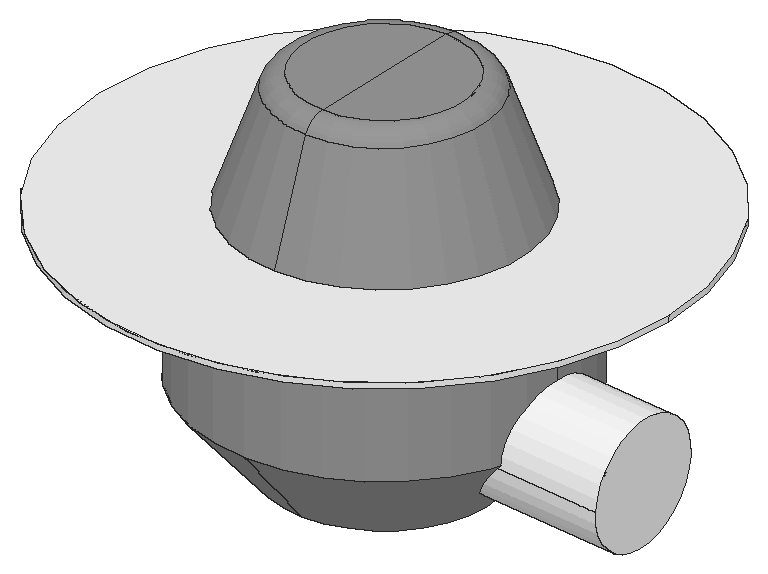
Revit family "HL_RU_Roof drain_HL64P-B-221103", category Sanitärinstallationen, Revit 2020
Family settings
  Bemaßung runder Anschluss = Durchmesser verwenden
  Teiletyp = Normal
  OmniClass-Nummer = 23.70.50.21.24.14
  OmniClass-Titel = Deck Waste Water Drains
  Arbeitsebenenbasiert = Nein
  Immer vertikal = Ja
  Beim Laden mit Abzugskörper schneiden = Nein
  Gemeinsam genutzt = Nein
  Raumberechnungspunkt = Ja
Parameters (values of type "HL_Кровельная воронка_HL64P_7")
  РЕШЁТКА = "Laubfangkorb d 145 mm"
  РАЗМЕР = "DN75"
  ПРОПУСКНАЯ СПОСОБНОСТЬ [instance] = 0.0 L/s
  ПРОИЗВОДИТЕЛЬНОСТЬ = "6,9 l/s"
  ПРАВОВАЯ ИНФОРМАЦИЯ = "Авторские права(©), права на дизайн или какие либо другие права интелектуальной собственности являются исключительной собственностью компании HL Hutterer & Lechner. Изменению не подлежит. Файл семейства с данными о прозводителе изделия защищен паролем с водяным знаком."
  НОМИНАЛЬНЫЙ ДИАМЕТР = 75 mm
  МАТЕРИАЛ = "PVC"
  ВЕС = "1,68 [kg]"
  Vorgabe-Ansicht = 0 mm
  Hersteller = "HL Hutterer & Lechner GmbH"  # constant formula
  URL = "http://www.hutterer-lechner.com/ru/products/catalog/roof-drains/HL64P/7.aspx"
  Материал плитка [instance] = none
  Lüftungsverbindung = no
  Abwasserrohrverbindung = yes
  HW-Verbindung = no
  KW-Verbindung = no
  Beschreibung = "Кровельные воронки"
  Model = "HL64P_7"
  Assembly Code = " "
  Typenkommentare = "HL64P/7 Кровельная воронка DN75, горизонтальный выпуск, с ПВХ_фланцем,"
  Keynote = "HL64P_7"
  Bысота монтажа [instance] = 0 mm  # constant formula
  G [instance] = 90.00°  # constant formula
  EAN = "9003076031405"
  D [instance] = if(НОМИНАЛЬНЫЙ ДИАМЕТР = 75 mm, 162.8 mm, 178 mm)  # 162.8 mm
  C [instance] = if(Bысота монтажа - 68 mm < 0 mm, 0 mm, Bысота монтажа - 68 mm)  # 0 mm
  B [instance] = Bысота монтажа + if(НОМИНАЛЬНЫЙ ДИАМЕТР = 75 mm, 101 mm, 84 mm)  # 101 mm
  A [instance] = if(B - 100 mm > 15 mm, B - 100 mm, 15 mm)  # 15 mm
Types (3, lengths in mm): name | РАЗМЕР | ПРОИЗВОДИТЕЛЬНОСТЬ | НОМИНАЛЬНЫЙ ДИАМЕТР | ВЕС | URL | Model | Typenkommentare | Keynote | EAN | D | B
  (no name) | "DN75" | "6,9 l/s" | 75 | "1,68 [kg]" | "http://www.hutterer-lechner.com/ru/products/catalog/roof-drains/HL64P/7.aspx" | "HL64P_7" | "HL64P/7 Кровельная воронка DN75, горизонтальный выпуск, с ПВХ_фланцем," | "HL64P_7" | "9003076031405" | 162.8 | 101
  HL_Кровельная воронка_HL64P_1 | "DN110" | "7,8 l/s" | 110 | "1,012 [kg]" | "http://www.hutterer-lechner.com/ru/products/catalog/roof-drains/HL64P/1.aspx" | "HL64P_1" | "HL64P/1 Кровельная воронка DN110, горизонтальный выпуск, с ПВХ_фланцем," | "HL64P_1" | "9003076031429" | 178 | 84
  HL_Кровельная воронка_HL64P_7 | "DN75" | "6,9 l/s" | 75 | "1,68 [kg]" | "http://www.hutterer-lechner.com/ru/products/catalog/roof-drains/HL64P/7.aspx" | "HL64P_7" | "HL64P/7 Кровельная воронка DN75, горизонтальный выпуск, с ПВХ_фланцем," | "HL64P_7" | "9003076031405" | 162.8 | 101
Reference planes
  plane 1 "Center (Front/Back)": y = 0
  plane 2: z = 0
  plane 3 "Center (Left/Right)": x = 0
  plane 4: z = -101
  plane 5: z = 0
Lines and regions (mm)
  model lines, style "InvisibleLines"
    curve 1: line (0, 0, 0) -> (0, 0, 20)
  model lines, style "PlumbingFixtures", detail levels coarse+medium
    curve 2: line (0, 0, -101) -> (0, 0, -86)
    curve 3: line (0, 0, -86) -> (-86, 0, 0)
    curve 4: line (0, 0, -86) -> (86, 0, 0)
    curve 6: line (0, 0, -101) -> (162.8, 0, -101)
  reference lines, not visible
    curve 5: line (0, 0, -101) -> (162.8, 0, -101)
  symbolic lines, style "PlumbingFixtures", detail levels coarse+medium
    curve 7: line (-75, 75, 0) -> (75, 75, 0)
    curve 8: line (-75, -75, 0) -> (-75, 75, 0)
    curve 9: line (75, -75, 0) -> (-75, -75, 0)
    curve 10: line (75, 75, 0) -> (75, -75, 0)
    curve 11: line (-75, 75, 0) -> (-145.711, 145.711, 0)
    curve 12: line (75, 75, 0) -> (145.711, 145.711, 0)
    curve 13: line (-75, -75, 0) -> (-145.711, -145.711, 0)
    curve 14: line (75, -75, 0) -> (145.711, -145.711, 0)
  symbolic lines, style "PlumbingFixtures", not visible, detail levels coarse+medium
    curve 15: line (-75, 75, 0) -> (75, 75, 0)
    curve 16: line (-75, -75, 0) -> (-75, 75, 0)
    curve 17: line (75, -75, 0) -> (-75, -75, 0)
    curve 18: line (75, 75, 0) -> (75, -75, 0)
    curve 19: line (-75, 75, 0) -> (-145.711, 145.711, 0)
    curve 20: line (75, 75, 0) -> (145.711, 145.711, 0)
    curve 21: line (-75, -75, 0) -> (-145.711, -145.711, 0)
    curve 22: line (75, -75, 0) -> (145.711, -145.711, 0)
Text (mm)
  text "FLOOR" at (-162.344, 0, -10.979), in view "Drain Construction View"
Dimensions and locks
  "B": plane 2 to plane 4
  "Bысота монтажа": plane 2 to plane 5
  "A": curve 4 to plane 4
  "D": curve 5 to curve 5
  "D": curve 6 to curve 6
  locked: curve 4 to plane 3 "Center (Left/Right)" (angle 45.00°)
  locked: plane 3 "Center (Left/Right)" to curve 3 (angle 45.00°)
  "G": angle curve 5 to plane 3 "Center (Left/Right)"
  aligned and locked: level to plane 2
  aligned and locked: plane 2 to curve 4
  aligned and locked: plane 2 to curve 3
  aligned and locked: plane 4 to curve 5
  aligned and locked: plane 3 "Center (Left/Right)" to curve 5
  aligned and locked: plane 4 to curve 2
  aligned and locked: plane 3 "Center (Left/Right)" to curve 6
  aligned and locked: plane 4 to curve 6
  aligned and locked: nested 1 to plane 5
  aligned and locked: plane 3 "Center (Left/Right)" to nested 1
  aligned and locked: plane 2 to nested 2
  aligned and locked: plane 3 "Center (Left/Right)" to nested 2
Automatic sketch dimensions
  curve 2 to plane 3 "Center (Left/Right)" = 0 mm
  curve 1 to plane 3 "Center (Left/Right)" = 0 mm
  curve 1 to level = 0 mm
  level to curve 1 = 20 mm
Nested families
  nested 1: "HL_кровельные воронки - корпус_HL64P" at (0, 0, 0), НОМИНАЛЬНЫЙ ДИАМЕТР <- "НОМИНАЛЬНЫЙ ДИАМЕТР", type "HL_кровельные воронки - корпус_HL64P"
    with НОМИНАЛЬНЫЙ ДИАМЕТР 75 mm, L 164 mm, B 101.3 mm, A 92.3 mm
  nested 2: "HL_Вспомогательные материалы-Противопожарная защита_HL062.1E" at (0, 0, 0), type "HL_Вспомогательные материалы-Противопожарная защита_HL062.1E"
Connectors
  piping at (162.8, 0, -101), diameter 75, driven by "ПРОПУСКНАЯ СПОСОБНОСТЬ", driven by "НОМИНАЛЬНЫЙ ДИАМЕТР"
    settings: on curve 5, index 1, connector inside diameter 609.6 mm, connector length 0 mm, flow factor 0, pipe flow 0.0 L/s, pressure drop 0.0 Pa, fitting loss kfactor 0, connector angle 0.00°, fixture units 0, engagement length 0 mm, angle of deflection 0.00°, flow configuration 1, flow direction 2, fitting loss method 0, system type 16, joint type 0, gender type 0, connector reference index -1, connector utility 0, adjustable connector yes, is connector primary yes, connector description ""
Definition of nested family "HL_кровельные воронки - корпус_HL64P"
  Parameters (values of type "HL_кровельные воронки - корпус_HL64P")
    НОМИНАЛЬНЫЙ ДИАМЕТР [instance] = 110 mm
    Default Elevation = 0 mm
    Manufacturer = ""
    URL = ""
    Description = ""
    Model = ""
    L [instance] = if(НОМИНАЛЬНЫЙ ДИАМЕТР = 75 mm, 164 mm, 178 mm)  # 178 mm
    Type Comments = ""
    Cost = 0
    B [instance] = if(НОМИНАЛЬНЫЙ ДИАМЕТР = 75 mm, 101.3 mm, 84 mm)  # 84 mm
    A [instance] = if(НОМИНАЛЬНЫЙ ДИАМЕТР = 75 mm, 92.3 mm, 75 mm)  # 75 mm
  Reference planes
    plane 1 "Střed (vpředu/vzadu)": y = 0
    plane 2: z = 0
    plane 3 "Střed (vlevo/vpravo)": x = 0
  Forms (mm)
    Extrusion 1, solid, detail levels fine
      sketch origin (0, 0, 0) x (1, 0, 0) y (0, 1, 0)
        loop
          circle (0, 0) r 180
        loop
          circle (0, 0) r 78.913
      from 0 to -3.5
    Extrusion 2, solid, detail levels fine
      sketch origin (0, 0, -3.5) x (0, 1, 0) y (1, 0, 0)
        loop
          circle (0, 0) r 140
      from 0 to 18
    Extrusion 3, solid, detail levels fine
      sketch origin (0, 0, -21.5) x (-1, 0, 0) y (0, 1, 0)
        loop
          circle (0, 0) r 110
      from 0 to 73.906
    Blend 4, solid, detail levels fine
      base sketch origin (0, 0, -95.406) x (0, -1, 0) y (1, 0, 0)
        loop
          circle (0, 0) r 110
      top sketch origin (0, 0, -95.406) x (0, -1, 0) y (1, 0, 0)
        loop
          circle (0, 0) r 65
      from 0 to -53
    Revolve 5, void
      sketch origin (0, 0, 0) x (1, 0, 0) y (0, 0, 1)
        loop
          line (-78.913, 0) -> (-78.913, -16.281) -> (-74.694, -23.588) -> (-74.694, -24.914) -> (-75.511, -24.914) -> (-75.511, -30.304) -> (-64.679, -30.304) -> (-64.679, -32.804) -> (0, -32.804) -> (0, 0) -> (-78.913, 0)
        axis (0, 0) -> (0, -32.804)
      angle from 0 to 360
    Extrusion 6, solid, detail levels fine
      sketch origin (178.231, 0, -84) x (0, -1, 0) y (-0.050432, 0, -0.998727)
        loop
          circle (0, 0.078) r 55
      from -0.458 to -104.708
  Cuts and joins
    Revolve 5 cuts Extrusion 1
    Revolve 5 cuts Extrusion 2
    Revolve 5 cuts Extrusion 3
  Lines and regions (mm)
    reference lines
      curve 1: line (0, 0, -75) -> (178.231, 0, -84)
  Dimensions and locks
    "B": plane 2 to curve 1
    "L": Extrusion 6 to curve 1
    "A": plane 2 to curve 1
    "НОМИНАЛЬНЫЙ ДИАМЕТР": diameter of Extrusion 6 sketch curve
    aligned and locked: level to plane 2
  Automatic sketch dimensions
    Extrusion 1 sketch curve to Extrusion 1 sketch curve = 0 mm  (x2)
    plane 1 "Střed (vpředu/vzadu)" to Extrusion 1 sketch curve = 0 mm
    Extrusion 1 sketch curve to plane 3 "Střed (vlevo/vpravo)" = 0 mm
    Revolve 5 sketch curve to level = 0 mm
    Revolve 5 sketch curve to plane 3 "Střed (vlevo/vpravo)" = 0 mm  (x2)
    Revolve 5 sketch curve to level = 30.304 mm
    Revolve 5 sketch curve to plane 3 "Střed (vlevo/vpravo)" = 64.679 mm
    Revolve 5 sketch curve to level = 23.588 mm
    Revolve 5 sketch curve to Revolve 5 sketch curve = 10.016 mm
    Revolve 5 sketch curve to Revolve 5 sketch curve = 0.817 mm
    Revolve 5 sketch curve to Revolve 5 sketch curve = 4.218 mm
    Revolve 5 sketch curve to Revolve 5 sketch curve = 32.804 mm
    Revolve 5 sketch curve to Revolve 5 sketch curve = 1.326 mm
    Revolve 5 sketch curve to Revolve 5 sketch curve = 7.307 mm
    level to Revolve 5 sketch curve = 25 mm
    Revolve 5 sketch curve to Revolve 5 sketch curve = 50 mm
    curve 1 to plane 3 "Střed (vlevo/vpravo)" = 0 mm
    plane 3 "Střed (vlevo/vpravo)" to curve 1 = 178.231 mm
    Extrusion 6 sketch curve to plane 1 "Střed (vpředu/vzadu)" = 0 mm
    radius of Extrusion 1 sketch curve = 180 mm
    radius of Extrusion 1 sketch curve = 78.913 mm
    radius of Extrusion 2 sketch curve to Extrusion 1 = 40 mm
    radius of Extrusion 3 sketch curve to Extrusion 2 = 30 mm
    radius of Blend 4 sketch curve to Extrusion 3 = 0 mm
    radius of Blend 4 sketch curve to Extrusion 3 = 45 mm
Definition of nested family "HL_Вспомогательные материалы-Противопожарная защита_HL062.1E"
  Parameters
    ПРАВОВАЯ ИНФОРМАЦИЯ = ""
    ВЕС = "0,097 [kg]"
    Default Elevation = 0 mm
    Manufacturer = ""
    URL = ""
    Материал плитка = none
    Description = ""
    Model = ""
    Type Comments = "HL062.1E, domed plastic grate"
    Keynote = ""
    Пропускная способность [instance] = 0.0 L/s
    EAN = "9003076006212"
    Cost = 0
  Types (2, lengths in mm): name | ПРАВОВАЯ ИНФОРМАЦИЯ | Manufacturer | URL | Description | Model | Type Comments | Keynote
    (no name) | "" | "" | "" | "" | "" | "HL062.1E, domed plastic grate" | ""
    HL_Вспомогательные материалы-Противопожарная защита_HL062.1E | "Авторские права(©), права на дизайн или какие либо другие права интелектуальной собственности являются исключительной собственностью компании HL Hutterer & Lechner. Изменению не подлежит. Файл семейства с данными о прозводителе изделия защищен паролем с водяным знаком." | "HL Hutterer & Lechner GmbH" | "http://www.hutterer-lechner.com/ru/products/catalog/roof-drains/HL062.1E.aspx" | "Кровельные воронки" | "HL062.1E" | "HL062.1E, Листвоуловитель" | "HL062.1E"
  Reference planes
    plane 1 "Střed (vpředu/vzadu)": y = 0
    plane 2: z = 0
    plane 3 "Střed (vlevo/vpravo)": x = 0
  Forms (mm)
    Revolve 1, solid, detail levels fine
      sketch origin (0, 0, 0) x (0, 1, 0) y (0, 0, 1)
        loop
          line (0, 75) -> (0, 60.2) -> (47.074, 60.2) -> (68.985, 0) -> (86.249, 0) -> (61.992, 66.646)
          arc (61.992, 66.646) -> (56.733, 72.731) -> (49.016, 75) r 14.255
          line (49.016, 75) -> (0, 75)
        axis (0, 75) -> (0, 0)
      angle from 0 to 360
    Extrusion 2, solid, detail levels fine
      sketch origin (0, 0, 0) x (0, 1, 0) y (1, 0, 0)
        loop
          circle (0, 0) r 78.587
        loop
          circle (0, 0) r 70.981
      from 0 to 16.7
    Extrusion 3, solid, detail levels fine
      sketch origin (0, 0, -16.7) x (-1, 0, 0) y (0, 1, 0)
        loop
          circle (0, 0) r 70
        loop
          circle (0, 0) r 74.546
      from 0 to 12.3
  Dimensions and locks
    aligned and locked: level to plane 2
